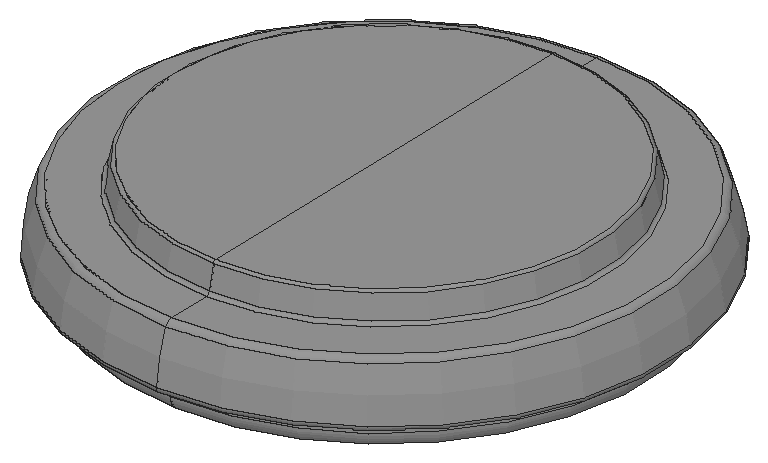
Revit family "FMK11_63_UN_Surface-mounted_ETK", category Lighting Fixtures, Revit 2017 (continued)
Definition of nested family "FMK.1 - Lightsource"
  Types (13, lengths in mm): name | Wattage Comments | Photometric Web File | built-in parameter 1150142 | Apparent Load
    FMK.1209.10 - Ø300x40 / 18W | "18W" | "FMK.1209.10.ies" | "IESNA:LM-63-2002\r\n[TEST] /2014\r\n[TESTLAB] ies2eulumdat.appspot.com\r\n[ISSUEDATE] 2021-06-16T09:02:18.810\r\n[MANUFAC] www.etk.nl\r\n[LUMCAT] FMK.1209.10\r\n[LUMINAIRE] FMK.1 LED 18W 3000/4000/5700K ø300 niet dimbaar\r\n[LAMPCAT] LED\r\n[LAMP] LED\r\nTILT=NONE\r\n1\t1710\t1\t46\t180\t1\t2\t-0.300\t-0.300\t0\r\n1.0\t1.0\t18.30\r\n0\t 2\t 4\t 6\t 8\t 10\t 12\t 14\t 16\t 18\r\n20\t 22\t 24\t 26\t 28\t 30\t 32\t 34\t 36\t 38\r\n40\t 42\t 44\t 46\t 48\t 50\t 52\t 54\t 56\t 58\r\n60\t 62\t 64\t 66\t 68\t 70\t 72\t 74\t 76\t 78\r\n80\t 82\t 84\t 86\t 88\t 90\r\n0\t 2\t 4\t 6\t 8\t 10\t 12\t 14\t 16\t 18\r\n20\t 22\t 24\t 26\t 28\t 30\t 32\t 34\t 36\t 38\r\n40\t 42\t 44\t 46\t 48\t 50\t 52\t 54\t 56\t 58\r\n60\t 62\t 64\t 66\t 68\t 70\t 72\t 74\t 76\t 78\r\n80\t 82\t 84\t 86\t 88\t 90\t 92\t 94\t 96\t 98\r\n100\t 102\t 104\t 106\t 108\t 110\t 112\t 114\t 116\t 118\r\n120\t 122\t 124\t 126\t 128\t 130\t 132\t 134\t 136\t 138\r\n140\t 142\t 144\t 146\t 148\t 150\t 152\t 154\t 156\t 158\r\n160\t 162\t 164\t 166\t 168\t 170\t 172\t 174\t 176\t 178\r\n180\t 182\t 184\t 186\t 188\t 190\t 192\t 194\t 196\t 198\r\n200\t 202\t 204\t 206\t 208\t 210\t 212\t 214\t 216\t 218\r\n220\t 222\t 224\t 226\t 228\t 230\t 232\t 234\t 236\t 238\r\n240\t 242\t 244\t 246\t 248\t 250\t 252\t 254\t 256\t 258\r\n260\t 262\t 264\t 266\t 268\t 270\t 272\t 274\t 276\t 278\r\n280\t 282\t 284\t 286\t 288\t 290\t 292\t 294\t 296\t 298\r\n300\t 302\t 304\t 306\t 308\t 310\t 312\t 314\t 316\t 318\r\n320\t 322\t 324\t 326\t 328\t 330\t 332\t 334\t 336\t 338\r\n340\t 342\t 344\t 346\t 348\t 350\t 352\t 354\t 356\t 358\r\n\r\n604.9325\t603.2919\t601.6514\t598.9367\t595.1481\t591.3474\t584.4074\t577.4673\t570.5271\t563.5989\r\n556.6589\t546.0716\t535.4844\t524.9091\t514.322\t503.7347\t489.8782\t476.0098\t462.1414\t448.2731\r\n434.4164\t417.5148\t400.6012\t383.6995\t366.7979\t349.8961\t330.7164\t311.5251\t292.3454\t273.1539\r\n253.9742\t234.7827\t215.6031\t196.4116\t177.2319\t158.0404\t0\t0\t0\t0\r\n0\t0\t0\t0\t0\t0\r\n604.9325\t603.303\t601.6736\t598.9672\t595.1776\t591.371\t584.4474\t577.518\t570.5942\t563.6772\r\n556.7804\t546.2089\t535.6382\t525.0562\t514.4711\t503.9096\t490.0793\t476.249\t462.4177\t448.5869\r\n434.7567\t417.8553\t400.9346\t384.014\t367.0954\t350.1887\t331.0138\t311.8383\t292.6629\t273.4839\r\n254.309\t235.1337\t215.9576\t196.7709\t177.5953\t158.8079\t0.4083\t0\t0\t0\r\n0\t0\t0\t0\t0\t0\r\n604.9325\t603.316\t601.6989\t599.0015\t595.1958\t591.3698\t584.4843\t577.5711\t570.6711\t563.7586\r\n556.8947\t546.3551\t535.7596\t525.1644\t514.5799\t504.0319\t490.2428\t476.4007\t462.5425\t448.6943\r\n434.9048\t418.0625\t401.1696\t384.2789\t367.3894\t350.5392\t331.4019\t312.225\t293.0468\t273.8823\r\n254.7052\t235.5402\t216.3663\t197.1991\t178.024\t160.3893\t1.6616\t0\t0\t0\r\n0\t0\t0\t0\t0\t0\r\n604.9325\t603.3306\t601.7275\t599.0433\t595.2312\t591.4156\t584.5657\t577.6625\t570.7544\t563.8431\r\n557.0019\t546.5201\t535.9272\t525.353\t514.7657\t504.264\t490.5226\t476.6557\t462.7667\t448.8924\r\n435.124\t418.3554\t401.4707\t384.5722\t367.6697\t350.8303\t331.7467\t312.5747\t293.4071\t274.2312\r\n255.0699\t235.9111\t216.7553\t197.6045\t178.4467\t162.6446\t3.8393\t0\t0\t0\r\n0\t0\t0\t0\t0\t0\r\n604.9325\t603.3467\t601.7784\t599.0852\t595.2744\t591.4839\t584.6789\t577.7818\t570.8609\t563.9373\r\n557.1543\t546.7354\t536.1372\t525.529\t514.8988\t504.4471\t490.789\t476.9063\t463.0292\t449.1418\r\n435.4474\t418.7539\t401.8361\t384.8952\t367.9622\t351.1523\t332.1531\t312.9933\t293.8363\t274.6741\r\n255.5041\t236.3482\t217.1967\t198.0491\t178.904\t165.4825\t7.0717\t0\t0\t0\r\n0\t0\t0\t0\t0\t0\r\n604.9325\t603.3646\t601.8109\t599.1301\t595.3254\t591.5822\t584.8149\t577.9154\t571.003\t564.0375\r\n557.2822\t546.9546\t536.3271\t525.6894\t515.0537\t504.6554\t491.1358\t477.2379\t463.3307\t449.4155\r\n435.7478\t419.1745\t402.2081\t385.2544\t368.2909\t351.5211\t332.6242\t313.4509\t294.2734\t275.1156\r\n255.9625\t236.8063\t217.6543\t198.5095\t179.3715\t168.6886\t11.5411\t0\t0\t0\r\n0\t0\t0\t0\t0\t0\r\n604.9325\t603.3841\t601.8434\t599.178\t595.3834\t591.6781\t584.976\t578.0752\t571.1133\t564.0963\r\n557.383\t547.1909\t536.5313\t525.8766\t515.2136\t504.8691\t491.4968\t477.5392\t463.5748\t449.6118\r\n435.9498\t419.5755\t402.6015\t385.6298\t368.6616\t351.9183\t333.1605\t313.9425\t294.7654\t275.5923\r\n256.4278\t237.2774\t218.1312\t198.9956\t179.8672\t172.0139\t17.4822\t0\t0\t0\r\n0\t0\t0\t0\t0\t0\r\n604.9325\t603.4053\t601.8759\t599.2285\t595.4497\t591.7812\t585.1731\t578.2085\t571.1927\t564.1664\r\n557.4629\t547.4497\t536.7769\t526.0887\t515.3685\t505.002\t491.8629\t477.8739\t463.8657\t449.8384\r\n436.2083\t420.1244\t403.1335\t386.0845\t369.0368\t352.2643\t333.7051\t314.4923\t295.2823\t276.0978\r\n256.9176\t237.7601\t218.6225\t199.4936\t180.379\t175.1597\t25.1927\t0\t0\t0\r\n0\t0\t0\t0\t0\t0\r\n604.9325\t603.4593\t601.9085\t599.2738\t595.5244\t591.9079\t585.3373\t578.316\t571.3136\t564.2514\r\n557.5412\t547.753\t537.0529\t526.317\t515.5469\t505.1567\t492.6884\t478.2212\t464.1752\t450.1642\r\n436.1336\t421.0943\t403.6156\t386.5209\t369.432\t352.3337\t334.5504\t315.0513\t295.836\t276.637\r\n257.4544\t238.29\t219.1493\t200.0199\t180.9108\t177.7292\t35.0259\t0\t0\t0\r\n0\t0\t0\t0\t0\t0\r\n604.9325\t603.4826\t601.941\t599.3319\t595.6075\t591.9952\t585.4602\t578.4838\t571.4702\t564.333\r\n557.6055\t548.1073\t537.3696\t526.5928\t515.7384\t504.8144\t493.0694\t478.6336\t464.5307\t450.3943\r\n436.2933\t421.64\t404.1436\t386.9492\t369.8193\t352.7072\t335.1677\t315.6771\t296.4365\t277.212\r\n258.007\t238.8258\t219.6743\t200.5397\t181.4425\t179.2574\t47.3991\t0\t0\t0\r\n0\t0\t0\t0\t0\t0\r\n604.9325\t603.5064\t601.9734\t599.3945\t595.7161\t592.0648\t585.6584\t578.7119\t571.6053\t564.412\r\n557.2136\t548.9435\t537.7363\t526.8513\t515.8959\t504.8997\t493.4258\t478.9823\t464.8596\t450.6873\r\n436.4267\t422.0138\t404.7199\t387.5204\t370.3217\t353.0976\t335.7436\t316.324\t297.0385\t277.7912\r\n258.567\t239.3682\t220.2087\t201.0815\t181.9832\t162.9148\t98.4026\t0\t0\t0\r\n0\t0\t0\t0\t0\t0\r\n604.9325\t603.5306\t602.0055\t599.4612\t595.8018\t592.0844\t585.9012\t578.9142\t571.7274\t564.5615\r\n557.281\t549.3317\t538.103\t527.1296\t516.0869\t504.9399\t493.7098\t479.4734\t465.2005\t450.9492\r\n436.7405\t422.5771\t405.4099\t388.0744\t370.7796\t353.4924\t336.2684\t316.9931\t297.6847\t278.4178\r\n259.1782\t239.9648\t220.7735\t201.6345\t182.5343\t163.481\t113.7595\t0\t0\t0\r\n0\t0\t0\t0\t0\t0\r\n604.9325\t603.5554\t602.0217\t599.532\t595.8866\t592.1561\t586.588\t579.0795\t571.9261\t564.708\r\n557.356\t549.6474\t538.4927\t527.425\t516.249\t505.0832\t494.0234\t479.9866\t465.7575\t451.3805\r\n437.0064\t422.8844\t406.0364\t388.6721\t371.3233\t353.9575\t336.8059\t317.7551\t298.3731\t279.0511\r\n259.7888\t240.5534\t221.3703\t202.2241\t183.1196\t164.0583\t128.3143\t0\t0\t0\r\n0\t0\t0\t0\t0\t0\r\n604.9325\t603.5809\t602.0558\t599.618\t595.9723\t592.2358\t586.8402\t579.3172\t572.1843\t564.8477\r\n557.415\t549.9086\t538.9015\t527.7199\t516.5471\t505.2607\t494.2777\t480.6872\t466.1976\t451.7399\r\n437.252\t422.7612\t407.2466\t389.4272\t371.966\t354.4582\t337.2243\t318.5243\t299.1108\t279.742\r\n260.4244\t241.1781\t221.9657\t202.8103\t183.7099\t164.6491\t141.3505\t0\t0\t0\r\n0\t0\t0\t0\t0\t0\r\n604.9325\t603.6071\t602.0912\t599.6912\t596.0451\t591.9798\t587.0148\t579.6483\t572.4109\t565.0026\r\n557.4889\t550.099\t539.3311\t528.166\t516.8776\t505.53\t494.0643\t481.5955\t466.7489\t452.2129\r\n437.6254\t423.0444\t408.0517\t390.1803\t372.5893\t355.0126\t337.4403\t319.5246\t299.8803\t280.4737\r\n261.1232\t241.8179\t222.5739\t203.4066\t184.3006\t165.2486\t152.0665\t0\t0\t0\r\n0\t0\t0\t0\t0\t0\r\n604.9325\t603.6338\t602.1279\t599.7642\t596.2915\t592.06\t587.2479\t579.9651\t572.6275\t565.1743\r\n557.5912\t550.1482\t539.9086\t528.6542\t517.2707\t505.7657\t494.0884\t482.1911\t467.4123\t452.7044\r\n438.0073\t423.2908\t408.632\t391.0308\t373.3713\t355.5458\t337.8389\t320.2515\t300.7003\t281.2121\r\n261.8325\t242.4922\t223.2123\t204.0069\t184.8961\t165.8551\t159.6039\t13.1538\t0\t0\r\n0\t0\t0\t0\t0\t0\r\n604.9325\t603.6611\t602.1659\t599.8376\t596.4054\t592.1391\t587.4977\t580.2805\t572.8868\t565.3787\r\n557.6678\t549.7361\t540.9527\t529.1771\t517.6731\t506.0008\t494.2758\t482.6381\t468.0299\t453.2316\r\n438.4194\t423.5879\t409.1603\t391.9077\t373.8445\t355.9972\t338.2732\t320.7969\t301.5855\t282.0214\r\n262.5566\t243.1786\t223.8823\t204.6641\t185.522\t166.4516\t162.8905\t31.8043\t0\t0\r\n0\t0\t0\t0\t0\t0\r\n604.9325\t603.6892\t602.2049\t599.908\t596.5241\t592.1992\t587.8004\t580.5758\t573.1764\t565.6227\r\n557.7326\t549.8042\t541.4288\t529.7323\t518.1144\t506.3438\t494.4987\t482.7908\t468.7329\t453.8508\r\n438.9175\t423.9507\t408.6493\t392.7359\t374.5174\t356.6496\t338.8317\t321.0335\t302.7194\t282.8805\r\n263.3626\t243.9028\t224.5481\t205.3141\t186.1662\t167.0952\t148.1118\t88.6377\t0\t0\r\n0\t0\t0\t0\t0\t0\r\n604.9325\t603.7179\t602.2449\t599.981\t596.652\t592.2995\t588.0109\t580.9296\t573.5102\t565.8506\r\n557.9219\t549.8881\t541.7121\t530.3743\t518.611\t506.7558\t494.6717\t482.47\t469.828\t454.5537\r\n439.4245\t424.0109\t408.6349\t393.3735\t375.3775\t357.3866\t339.435\t321.5173\t303.5607\t283.7689\r\n264.1651\t244.6733\t225.2874\t205.9828\t186.7886\t167.711\t148.7442\t112.1139\t0\t0\r\n0\t0\t0\t0\t0\t0\r\n604.9325\t603.7473\t602.2856\t600.0568\t596.7719\t592.4179\t588.1719\t581.3183\t573.9078\t566.0743\r\n558.1389\t549.9635\t541.9262\t531.0335\t519.2162\t507.1698\t494.9265\t482.6333\t470.329\t455.2483\r\n439.8147\t424.3822\t408.9232\t393.7403\t376.3501\t358.2294\t340.1252\t322.0395\t304.2025\t284.7408\r\n265.0668\t245.4539\t225.9736\t206.6463\t187.4435\t168.3603\t149.3849\t130.4101\t0\t0\r\n0\t0\t0\t0\t0\t0\r\n604.9325\t603.7776\t602.3343\t600.133\t596.8924\t592.5514\t588.2573\t582.1028\t574.2915\t566.3966\r\n558.3966\t550.0391\t541.4961\t532.1224\t519.854\t507.633\t495.3114\t482.8481\t470.4815\t456.3368\r\n440.5157\t424.9232\t409.2495\t393.6295\t377.6559\t359.1366\t340.8577\t322.656\t304.5206\t285.931\r\n265.9183\t246.2694\t226.7385\t207.3469\t188.0877\t168.9899\t150.0335\t142.1012\t0.9237\t0\r\n0\t0\t0\t0\t0\t0\r\n604.9325\t603.8087\t602.2411\t600.2093\t597.0138\t592.7089\t587.9814\t582.506\t574.6544\t566.7889\r\n558.6686\t550.1973\t541.4544\t532.5851\t520.5561\t508.2392\t495.7924\t483.0495\t470.1335\t457.1163\r\n441.3228\t425.5219\t409.7509\t393.9106\t378.232\t360.1469\t341.7391\t323.3504\t304.9773\t286.7673\r\n266.8982\t247.1147\t227.4881\t208.0586\t188.7792\t169.6606\t150.6879\t131.866\t21.4679\t0\r\n0\t0\t0\t0\t0\t0\r\n604.9325\t603.8407\t602.2844\t600.2854\t597.1426\t592.8591\t588.0729\t582.907\t575.0998\t567.2089\r\n558.9621\t550.3823\t541.4848\t532.7997\t521.7716\t508.9483\t496.2748\t483.3245\t470.3834\t457.4768\r\n442.2022\t426.336\t410.3521\t394.239\t378.1528\t361.5855\t342.6871\t324.0744\t305.6064\t287.3619\r\n267.8645\t248.0216\t228.3498\t208.8257\t189.4682\t170.3025\t151.3323\t132.5387\t80.029\t0\r\n0\t0\t0\t0\t0\t0\r\n604.9325\t603.8733\t602.3299\t600.3607\t597.2661\t593.1545\t588.1843\t583.2018\t575.6055\t567.6783\r\n559.3106\t550.6007\t541.5686\t532.3163\t522.4808\t509.7479\t496.8485\t483.8597\t470.6669\t457.2136\r\n443.4699\t427.2526\t410.9944\t394.713\t378.4457\t362.2796\t343.7493\t325.0072\t306.2591\t287.6577\r\n269.0839\t249.009\t229.1809\t209.5733\t190.2093\t170.9954\t151.9889\t133.1871\t107.1195\t0\r\n0\t0\t0\t0\t0\t0\r\n604.9325\t603.907\t602.3776\t600.435\t597.3875\t593.3208\t588.3223\t583.4193\t576.5313\t568.1743\r\n559.709\t550.8685\t541.7588\t532.2517\t522.878\t510.5737\t497.5582\t484.484\t471.0737\t457.3263\r\n443.9663\t428.2466\t411.8005\t395.3788\t378.7305\t362.2173\t345.2416\t325.9593\t307.1037\t288.3016\r\n269.7515\t250.003\t230.1332\t210.3898\t190.9169\t171.6613\t152.6389\t133.8373\t123.7799\t0\r\n0\t0\t0\t0\t0\t0\r\n604.9325\t603.9123\t602.428\t600.501\t597.5056\t593.4861\t588.4837\t583.5425\t577.0344\t568.7101\r\n560.1512\t551.1686\t541.9813\t532.3519\t522.4772\t511.7762\t498.5257\t485.22\t471.4735\t457.7046\r\n443.7031\t429.415\t412.8677\t396.0261\t379.2618\t362.4764\t345.8916\t327.1753\t308.035\t288.9915\r\n270.1463\t251.2322\t231.0663\t211.2373\t191.6472\t172.3408\t153.2921\t134.4874\t115.9236\t9.2138\r\n0\t0\t0\t0\t0\t0\r\n604.9325\t603.9481\t602.4812\t600.5742\t597.6202\t593.653\t588.668\t583.3077\t577.4581\t569.2983\r\n560.6533\t551.5767\t542.2042\t532.5113\t522.3616\t512.2177\t499.5876\t486.0776\t472.1462\t458.1519\r\n443.8695\t429.876\t414.2071\t396.917\t379.9187\t362.8675\t345.8321\t328.6051\t309.1102\t289.916\r\n270.7523\t251.9617\t232.0644\t212.1103\t192.4343\t173.0323\t153.9173\t135.1018\t116.562\t65.7955\r\n0\t0\t0\t0\t0\t0\r\n604.9325\t603.9852\t602.5371\t600.6467\t597.73\t593.8172\t588.8736\t583.4583\t577.7772\t570.2819\r\n561.2111\t552.1325\t542.5577\t532.7343\t522.3727\t511.8663\t500.9199\t486.9213\t472.9747\t458.7217\r\n444.2496\t429.5691\t414.7964\t398.0122\t380.7816\t363.4509\t346.0825\t328.8111\t310.4213\t290.8883\r\n271.5384\t252.3269\t233.2419\t213.0364\t193.2161\t173.736\t154.5864\t135.7567\t117.2044\t96.1475\r\n0\t0\t0\t0\t0\t0\r\n604.9325\t604.0236\t602.596\t600.7186\t597.8194\t593.9774\t589.2292\t583.6201\t577.9865\t570.7992\r\n561.8256\t552.71\t543.0652\t533.0169\t522.502\t511.8678\t501.241\t488.4687\t473.9436\t459.4936\r\n444.832\t429.7247\t414.7044\t399.4139\t381.8032\t364.1979\t346.6042\t329.0336\t311.6354\t292.1036\r\n272.4601\t253.0354\t233.7628\t214.0337\t194.1035\t174.5269\t155.255\t136.3516\t117.8305\t109.9048\r\n0\t0\t0\t0\t0\t0\r\n604.9325\t604.0637\t602.658\t600.789\t597.9215\t594.1325\t589.4529\t583.8272\t577.7627\t571.1951\r\n562.8118\t553.2917\t543.6239\t533.3822\t522.7915\t511.9619\t500.5541\t489.0998\t475.0948\t460.4654\r\n445.4767\t430.3017\t414.8994\t399.3696\t383.2919\t365.1943\t347.3191\t329.4129\t311.6006\t293.6303\r\n273.6308\t253.85\t234.3543\t215.1938\t195.0532\t175.2777\t155.9455\t136.9913\t118.4168\t100.2246\r\n10.9351\t0\t0\t0\t0\t0\r\n604.9325\t604.1049\t602.7234\t600.8579\t598.021\t594.2782\t589.6773\t584.0732\t577.9255\t571.4711\r\n563.458\t554.0039\t544.2463\t533.8777\t523.2306\t512.1995\t500.5102\t488.6583\t476.4436\t461.6248\r\n446.3237\t431.0595\t415.3954\t399.5376\t383.6965\t366.7259\t348.2364\t330.1152\t311.8732\t293.8363\r\n275.1387\t254.8952\t235.1611\t215.6652\t196.0554\t176.1444\t156.6456\t137.594\t119.0254\t100.8532\r\n68.8785\t0\t0\t0\t0\t0\r\n604.9325\t604.3797\t602.795\t600.7955\t598.1176\t594.4184\t589.9421\t584.4807\t578.1293\t571.2717\r\n564.0225\t555.1365\t544.9684\t534.4889\t523.7521\t512.5133\t500.6805\t488.5879\t476.1182\t463.0735\r\n447.6366\t431.9684\t416.1152\t399.9456\t383.6989\t367.3767\t349.5599\t330.9731\t312.5046\t294.0321\r\n275.9095\t256.218\t236.1048\t216.3684\t197.0093\t177.0397\t157.4158\t138.2701\t119.6169\t101.4035\r\n91.2126\t0\t0\t0\t0\t0\r\n604.9325\t604.4205\t602.8672\t600.8728\t598.211\t594.5549\t590.1569\t584.7672\t578.3807\t571.4627\r\n564.3113\t555.8405\t545.7988\t535.2615\t524.3877\t512.92\t501.0143\t488.7096\t476.0305\t462.7583\r\n449.2912\t433.217\t417.0958\t400.713\t384.1708\t367.2088\t350.6545\t332.2272\t313.392\t294.5441\r\n275.8683\t257.4578\t237.4149\t217.2362\t197.4869\t178.1427\t158.2694\t138.9226\t120.2106\t101.9885\r\n84.2445\t0\t0\t0\t0\t0\r\n604.9325\t604.4609\t602.9426\t600.9571\t598.301\t594.685\t590.3595\t585.0141\t578.795\t571.7158\r\n564.1432\t556.2603\t546.8908\t536.205\t525.1774\t513.5407\t501.5676\t489.0287\t476.1442\t462.6532\r\n448.9921\t434.8922\t418.416\t401.8982\t384.7929\t367.6136\t350.3325\t333.3151\t314.6323\t295.4577\r\n276.336\t257.5068\t238.7779\t218.4036\t198.3424\t178.728\t159.174\t139.7342\t120.8004\t102.4847\r\n84.7775\t45.5539\t0\t0\t0\t0\r\n604.9325\t604.5006\t603.0216\t601.0606\t598.3865\t594.8079\t590.54\t585.2417\t579.0807\t572.1467\r\n564.4011\t556.1409\t547.4037\t537.4374\t526.1369\t514.3405\t502.2658\t489.5783\t476.4823\t462.9105\r\n448.8591\t434.6232\t420.0685\t403.4046\t385.7751\t368.4205\t350.8718\t333.1656\t315.607\t296.8929\r\n277.2305\t257.8752\t238.7581\t219.918\t199.4756\t179.4703\t160.1376\t140.5119\t121.4449\t103.0157\r\n85.2703\t74.215\t0\t0\t0\t0\r\n604.9325\t604.5394\t603.1042\t601.1584\t598.3492\t594.9234\t590.7019\t585.451\t579.3531\t572.4943\r\n564.7651\t556.3877\t547.3688\t538.0224\t527.3866\t515.3535\t503.115\t490.3931\t476.9994\t463.303\r\n449.0547\t434.4994\t419.6921\t404.5604\t387.5106\t369.5539\t351.7313\t333.6797\t315.5431\t297.2741\r\n278.797\t258.7661\t239.2377\t219.9717\t200.9556\t180.5254\t160.6648\t141.5044\t122.1648\t103.5896\r\n85.7592\t68.6221\t0\t0\t0\t0\r\n604.9325\t604.5773\t603.1902\t601.2632\t598.4516\t595.0092\t590.8464\t585.643\t579.6101\t572.8202\r\n565.325\t556.7647\t547.6995\t538.0024\t527.9437\t516.6478\t504.4938\t491.4266\t477.8344\t463.9221\r\n449.6332\t434.78\t419.7115\t403.8594\t387.7921\t371.4508\t353.0947\t334.6903\t316.1395\t297.631\r\n278.8793\t260.2808\t240.1353\t220.3427\t201.0312\t181.9801\t161.6499\t142.0644\t123.0333\t104.2161\r\n86.2409\t69.0879\t15.2173\t0\t0\t0\r\n604.9325\t604.6141\t603.2798\t601.3757\t598.5679\t594.9853\t590.9493\t585.8192\t579.8489\t573.1198\r\n565.7109\t557.3403\t548.3007\t538.393\t527.9435\t517.2634\t505.3927\t492.933\t478.9816\t464.8927\r\n450.474\t435.4187\t420.1142\t403.9636\t387.6809\t371.1777\t354.5307\t336.6039\t317.3934\t298.4472\r\n279.3102\t260.28\t241.3379\t221.3309\t201.4226\t182.0109\t163.0786\t142.9823\t123.7395\t104.974\r\n86.81\t69.5539\t58.969\t0\t0\t0\r\n604.9325\t604.6498\t603.6043\t601.4957\t598.6984\t595.1135\t590.9331\t585.9739\t580.0893\t573.3916\r\n566.0512\t557.7504\t548.7954\t539.0648\t528.4009\t517.3472\t505.5605\t493.6743\t480.4541\t466.4352\r\n451.5987\t436.4298\t420.8587\t404.6187\t388.0855\t371.2381\t354.0167\t336.6193\t319.1551\t299.9255\r\n280.4523\t260.8892\t241.3921\t222.136\t202.5984\t182.4131\t163.0718\t144.3638\t124.5764\t105.7842\r\n87.4272\t70.0349\t53.7077\t0\t0\t0\r\n604.9325\t604.6844\t603.6946\t601.6237\t598.8432\t595.2649\t591.0743\t585.9936\t580.2878\t573.6051\r\n566.3212\t558.1173\t549.2219\t539.5715\t529.1248\t518.0448\t506.0844\t493.7649\t480.7344\t467.3507\r\n453.0676\t438.029\t422.0569\t405.7673\t388.9954\t371.8917\t354.386\t336.673\t318.7419\t300.4149\r\n282.1798\t262.3184\t242.4052\t222.5131\t202.8279\t183.5184\t163.5632\t144.2653\t1
